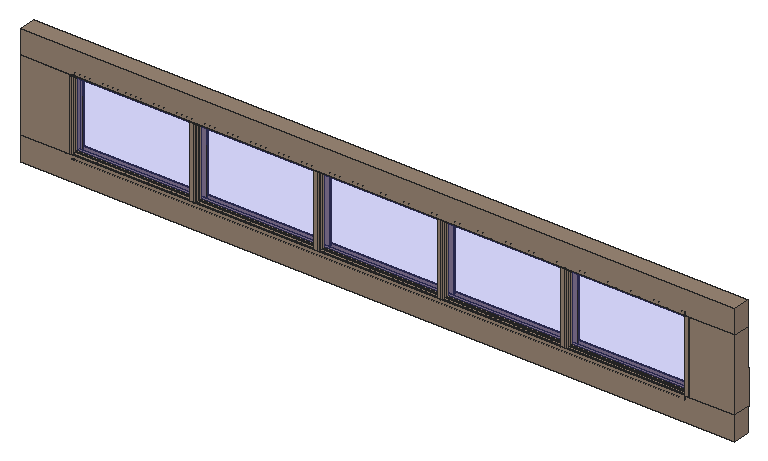
Revit family "Window-Exterior-Simpson-French-Transom", category Windows, host Wall, Revit 2012
Parameters (values of type "SEE CATALOG")
  Wood Species Note = "Available in Any Wood Species"
  Wood Species = "http://simpsondoor.com/e-catalog/#10"
  WaterBarrier with UltraBlock Technology = no
  WaterBarrier Note = "This Door Comes with The Option of WaterBarrier with UltraBlock Technology. It is Turn Off as a Default"
  UltraBlock Option = yes
  UltraBlock Note = "This Door Comes with The Option of UltraBlock Technology. It is Turn On as a Default"
  URL = "http://www.simpsondoor.com/"
  Top Rail Height = 2 13/32"
  Product Page URL = "http://www.simpsondoor.com/door-products/search/results/?seriesID=30"
  Product Documentation Link = "http://www.simpsondoor.com/door-products/search/detail/?BaseSpecificationID=609"
  Panel Thickness = 1 3/4"
  Panel Stile Width = 5"
  Panel = Wood - Simpson Doors - Douglas Fir
  Ovolo Construction = yes
  Number of Vertical Muntins = 4
  Number of Horizontal Muntins = 0
  Notes = "Dozens of glass textures and colors are available. For a list of standard options visit the Simpson web site or submit a custom glass request: http://simpsondoor.com/door-products/glass-options/"
  Model = "7755"
  Manufacturer = "Simpson Door Company"  # constant formula
  Height = 12"
  Glass Thickness = 3/4"
  Glass Options = "http://simpsondoor.com/e-catalog/#12"
  Glass = Glass - Simpson Doors - Clear
  Exterior Setback [instance] = 1"
  Description = "Exterior Thermal Sash Five Lite Transom"
  Default Sill Height = 70"
  Wall Closure = (empty or 0)
  Width = 72"
  Bottom Rail Height = 2 13/32"
  Assembly Code = "B2020100"
Values of the unnamed type that differ from the named types
  Wall Closure = By host
Reference planes (in)
  plane 1 "Center (Front/Back)": y = 0
  plane 2: z = 0
  plane 3 "Center (Left/Right)": x = 0
  plane 4 "Left": x = -36
  plane 5 "Right": x = 36
  plane 6 "Sill": z = 70
  plane 7 "Top": z = 82
  plane 8: y = 2
Lines and regions (in)
  Opening 1
    outline origin (-60, -3, 0) x (1, 0, 0) y (0, 0, 1)
      loop
        line (24, 82) -> (24, 70) -> (96, 70) -> (96, 82) -> (24, 82)
  symbolic lines, style "WindowsHiddenLines"
    curve 1: line (-36, -3, 0) -> (-36, 3, 0)
    curve 2: line (36, -3, 0) -> (36, 3, 0)
Text (in)
  text "EXTERIOR" at (-58.6888, 50.90694, 0), in view "Ref. Level"
  text "INTERIOR" at (-58.6888, -37.76638, 0), in view "Ref. Level"
  text "Exterior" at (0, 43.65631, 123.19604), in view "Left"
  text "Exterior" at (0, 18.29385, 125.04747), in view "Right"
Dimensions and locks (in)
  equal spacing: plane 4 "Left", plane 3 "Center (Left/Right)", plane 5 "Right"
  "Width": plane 4 "Left" to plane 5 "Right"
  "Height": plane 6 "Sill" to plane 7 "Top"
  "Default Sill Height": plane 2 to plane 6 "Sill"
  "Exterior Setback": host wall to plane 8
  aligned and locked: plane 7 "Top" to Opening 1 sketch curve
  aligned and locked: plane 6 "Sill" to Opening 1 sketch curve  (x2)
  aligned and locked: plane 5 "Right" to Opening 1 sketch curve
  aligned and locked: plane 4 "Left" to Opening 1 sketch curve
  aligned and locked: level to plane 2
  aligned and locked: nested 1 to plane 6 "Sill"
  aligned and locked: plane 3 "Center (Left/Right)" to nested 1
  aligned and locked: nested 1 to plane 8
  aligned and locked: curve 1 to plane 4 "Left"
  aligned and locked: curve 2 to plane 5 "Right"
  aligned and locked: host wall to curve 1  (x2)
  aligned and locked: host wall to curve 2  (x2)
Nested families (in)
  nested 1: "Transom-Glass_Panel" at (0, 2, 70), type "Transom-Panel"
    with Window Width 62", Window Top Offset 2 13/32", Window Side Offset 5", Window Height 7 3/16", Width 72", Muntin Width 3/8", Bottom Offset 2 13/32", Panel Height 12"
Definition of nested family "Transom-Glass_Panel"
  Parameters (values of type "Transom-Panel")
    Wood Species Note = "Available in Any Wood Species"
    Wood Species = "http://simpsondoor.com/e-catalog/#10"
    Window Width = Width - (Window Side Offset * 2)  # 62 15/16"
    Window Top Offset = 1 13/32"
    Window Thickness = 3/4"
    Window Side Offset = 4 29/32"
    Window Height = Panel Height - Window Top Offset - Bottom Offset  # 11 3/16"
    Width = 72 3/4"
    WaterBarrier with UltraBlock Technology = no
    WaterBarrier Note = "This Door Comes with The Option of WaterBarrier with UltraBlock Technology. It is Turn Off as a Default"
    UltraBlock Option = yes
    UltraBlock Note = "This Door Comes with The Option of UltraBlock Technology. It is Turn On as a Default"
    Ovolo Construction = yes
    Number of Horizontal Muntins = 0
    Notes = ""
    Muntin Width = 1/2"
    Glass Options = "http://simpsondoor.com/e-catalog/#12"
    Bottom Offset = 1 13/32"
    Panel Thickness = 1 3/4"
    Panel Material = Wood - Simpson Doors - Douglas Fir
    Panel Height = 14"
    Glass Material = Glass
    Actual Number of Vertical Muntins = # of Vertical Muntins + 2  # 6
    Actual # of Horizontal Muntin = Number of Horizontal Muntins + 2  # 2
    # of Vertical Muntins = 4
  Reference planes (in)
    plane 1 "Center (Front/Back)": y = 0
    plane 2 "Bottom": z = 0
    plane 3 "Center (Left/Right)": x = 0
    plane 4: x = -36.375
    plane 5: y = 0.875
    plane 6: x = 36.375
    plane 7: y = -0.875
    plane 8: z = 14
    plane 9: x = 31.46875
    plane 10: x = -31.46875
    plane 11: z = 12.59375
    plane 12: z = 1.40625
    plane 13: y = -0.375
    plane 14: y = 0.375
    plane 15: z = 7
  Forms (in)
    Extrusion 1, solid, material "Wood - Simpson Doors - Douglas Fir" <- "Panel Material"
      sketch origin (0, 0, 0) x (1, 0, 0) y (0, 0, 1)
        loop
          line (-36.375, 14) -> (-36.375, 12.59375) -> (36.375, 12.59375) -> (36.375, 14) -> (-36.375, 14)
        loop
          line (-36.375, 1.40625) -> (-36.375, 0) -> (36.375, 0) -> (36.375, 1.40625) -> (-36.375, 1.40625)
      from -0.875 to 0.875
    Extrusion 2, solid, material "Glass" <- "Glass Material"
      sketch origin (0, 0, 0) x (1, 0, 0) y (0, 0, 1)
        loop
          line (-31.46875, 12.59375) -> (-31.46875, 1.40625) -> (31.46875, 1.40625) -> (31.46875, 12.59375) -> (-31.46875, 12.59375)
      from -0.375 to 0.375
    Extrusion 3, solid, material "Wood - Simpson Doors - Douglas Fir" <- "Panel Material"
      sketch origin (0, 0, 0) x (1, 0, 0) y (0, 0, 1)
        loop
          line (-36.375, 12.59375) -> (-36.375, 1.40625) -> (-31.46875, 1.40625) -> (-31.46875, 12.59375) -> (-36.375, 12.59375)
        loop
          line (31.46875, 12.59375) -> (31.46875, 1.40625) -> (36.375, 1.40625) -> (36.375, 12.59375) -> (31.46875, 12.59375)
      from -0.875 to 0.875
  Lines and regions (in)
    Masking region 1
      outline origin (0, 0, 0) x (1, 0, 0) y (0, 1, 0)
        loop
          line (-36.375, 0.875) -> (-36.375, -0.875) -> (36.375, -0.875) -> (36.375, 0.875) -> (-36.375, 0.875)
    Masking region 2, detail levels fine
      outline origin (0, 0, 0) x (1, 0, 0) y (0, 1, 0)
        loop
          line (36.375, 0.875) -> (31.46875, 0.875) -> (30.96875, 0.375) -> (31.46875, 0.375) -> (31.46875, -0.375) -> (30.96875, -0.375) -> (31.46875, -0.875) -> (36.375, -0.875) -> (36.375, 0.875)
        loop
          line (-36.375, 0.875) -> (-36.375, -0.875) -> (-31.46875, -0.875) -> (-30.96875, -0.375) -> (-31.46875, -0.375) -> (-31.46875, 0.375) -> (-30.96875, 0.375) -> (-31.46875, 0.875) -> (-36.375, 0.875)
    Masking region 3, detail levels medium+fine
      outline origin (0, 0, 0) x (1, 0, 0) y (0, 1, 0)
        loop
          line (-31.46875, 0.375) -> (-31.46875, -0.375) -> (31.46875, -0.375) -> (31.46875, 0.375) -> (-31.46875, 0.375)
    symbolic lines, style "DoorsGlassProjection", detail levels coarse
      curve 1: line (-31.46875, 0, 0) -> (31.46875, 0, 0)
    symbolic lines, style "DoorsPanelProjection"
      curve 2: line (-31.46875, 0.875, 0) -> (-31.46875, -0.875, 0)
      curve 3: line (31.46875, 0.875, 0) -> (31.46875, -0.875, 0)
  Dimensions and locks (in)
    equal spacing: plane 5, plane 1 "Center (Front/Back)", plane 7
    equal spacing: plane 4, plane 3 "Center (Left/Right)", plane 6
    "Width": plane 4 to plane 6
    "Panel Thickness": plane 5 to plane 7
    "Panel Height": plane 8 to level
    "Window Side Offset": plane 10 to plane 4
    "Window Top Offset": plane 8 to plane 11
    "Window Width": plane 9 to plane 10
    equal spacing: plane 14, plane 1 "Center (Front/Back)", plane 13
    "Window Thickness": plane 14 to plane 13
    equal spacing: plane 11, plane 15, plane 12
    "Bottom Offset": plane 12 to level
    equal spacing: group 1, group 3, group 4, group 5, group 6, group 2  (x3)
    group 7 to group 8 = 0"  (x2)
    group 7 to group 8 = 11 11/16"
    aligned and locked: plane 2 "Bottom" to level
    aligned and locked: Extrusion 1 sketch curve to plane 4
    aligned and locked: Extrusion 1 sketch curve to plane 12
    aligned and locked: Extrusion 1 sketch curve to plane 6
    aligned and locked: Extrusion 1 sketch curve to level
    aligned and locked: Extrusion 1 sketch curve to plane 8
    aligned and locked: Extrusion 1 sketch curve to plane 11
    aligned and locked: plane 5 to Extrusion 1
    aligned and locked: Extrusion 1 to plane 7
    aligned and locked: Extrusion 2 sketch curve to plane 11
    aligned and locked: Extrusion 2 sketch curve to plane 9
    aligned and locked: Extrusion 2 sketch curve to plane 10
    aligned and locked: Extrusion 2 sketch curve to plane 12
    aligned and locked: Extrusion 2 to plane 14
    aligned and locked: Extrusion 2 to plane 13
    aligned and locked: Masking region 1 sketch curve to Extrusion 1  (x4)
    aligned and locked: plane 1 "Center (Front/Back)" to curve 1
    aligned and locked: plane 10 to curve 1
    aligned and locked: plane 9 to curve 1
    aligned and locked: curve 2 to plane 10
    aligned and locked: curve 3 to plane 9
    aligned and locked: plane 7 to curve 2
    aligned and locked: plane 5 to curve 2
    aligned and locked: plane 5 to curve 3
    aligned and locked: plane 7 to curve 3
    aligned and locked: Masking region 2 sketch curve to Extrusion 1  (x4)
    aligned and locked: Masking region 2 sketch curve to Extrusion 2  (x3)
    aligned and locked: plane 5 to Masking region 2 sketch curve
    aligned and locked: plane 14 to Masking region 2 sketch curve
    aligned and locked: Masking region 2 sketch curve to plane 13
    aligned and locked: Masking region 2 sketch curve to plane 7
    aligned and locked: Masking region 3 sketch curve to Extrusion 2  (x4)
    aligned and locked: Extrusion 3 sketch curve to plane 4
    aligned and locked: Extrusion 3 sketch curve to plane 10
    aligned and locked: Extrusion 3 sketch curve to plane 12
    aligned and locked: Extrusion 3 sketch curve to plane 11  (x2)
    aligned and locked: Extrusion 3 sketch curve to plane 9
    aligned and locked: Extrusion 3 sketch curve to plane 6
    aligned and locked: plane 12 to Extrusion 3 sketch curve
    aligned and locked: plane 5 to Extrusion 3
    aligned and locked: Extrusion 3 to plane 7
    aligned and locked: nested 1 to plane 15
    aligned and locked: plane 10 to nested 1
    aligned and locked: nested 2 to plane 3 "Center (Left/Right)"
    aligned and locked: nested 2 to plane 12
    aligned and locked: nested 3 to plane 9
    aligned and locked: plane 15 to nested 3
    aligned and locked: plane 11 to nested 8
    aligned and locked: nested 8 to plane 3 "Center (Left/Right)"
  Automatic sketch dimensions
    Masking region 2 sketch curve to plane 10 = 0"  (x2)
    Masking region 2 sketch curve to plane 9 = 0"  (x2)
    Masking region 2 sketch curve to Masking region 2 sketch curve = 1/2"  (x2)
    Masking region 2 sketch curve to plane 9 = 1/2"  (x2)
    Extrusion 1 sketch curve to plane 4 = 0"
    Extrusion 1 sketch curve to plane 6 = 0"
    plane 14 to Masking region 2 sketch curve = 0"
  Nested families (in)
    nested 1: "Muntin" at (-31.71875, -0.375, 7) x (1, 0, 0) z (0, -1, 0), type "Vertical"
      with Muntin Length 11 3/16"
    nested 2: "Muntin" at (0, -0.375, 1.15625) x (0, 0, -1) z (0, -1, 0), type "Horizontal"
      with Muntin Length 62 15/16"
    nested 3: "Muntin" at (31.71875, -0.375, 7) x (1, 0, 0) z (0, -1, 0), type "Vertical"
      with Muntin Length 11 3/16"
    nested 4: "Muntin" at (-19.03125, -0.375, 7) x (1, 0, 0) z (0, -1, 0), type "Vertical"
      with Muntin Length 11 3/16"
    nested 5: "Muntin" at (-6.34375, -0.375, 7) x (1, 0, 0) z (0, -1, 0), type "Vertical"
      with Muntin Length 11 3/16"
    nested 6: "Muntin" at (6.34375, -0.375, 7) x (1, 0, 0) z (0, -1, 0), type "Vertical"
      with Muntin Length 11 3/16"
    nested 7: "Muntin" at (19.03125, -0.375, 7) x (1, 0, 0) z (0, -1, 0), type "Vertical"
      with Muntin Length 11 3/16"
    nested 8: "Muntin" at (0, -0.375, 12.84375) x (0, 0, -1) z (0, -1, 0), type "Horizontal"
      with Muntin Length 62 15/16"
  Definition of nested family "Muntin"
    Parameters (values of type "Vertical")
      Shaker = not(Ovolo)  # no
      Ovolo = yes
      Muntin Width = 1/2"
      Muntin Thickness = 31/64"
      Muntin Material = Wood - Simpson Doors - Douglas Fir
      Muntin Length = 71 3/8"
      Glass Thickness = 3/4"
      Default Elevation = 48"
    Types (5): name | Muntin Thickness | Muntin Length
      Horizontal | 15/32" | 26"
      Vertical | 31/64" | 71 3/8"
      Vertical Small | 27/64" | 12 1/8"
      Horizontal Medium | 3/8" | 14 1/4"
      Horizontal Small | 3/8" | 5 7/8"
    Reference planes (in)
      plane 1 "Center (Front/Back)": y = 0
      plane 2: z = 0
      plane 3 "Center (Left/Right)": x = 0
      plane 4: z = -0.75
      plane 5: y = 35.6875
      plane 6: y = -35.6875
      plane 7: x = 0.53125
      plane 8: x = -0.53125
      plane 9: x = -0.25
      plane 10: x = 0.25
      plane 11: z = 0.11903
      plane 12: z = 0.34
      plane 13: z = -0.375
      plane 14: z = -0.86903
      plane 15: z = -1.09
    Forms (in)
      Extrusion 1, solid
        sketch origin (0, 0, 0) x (1, 0, 0) y (0, 1, 0)
          loop
            line (-16, 48) -> (-16, -48) -> (10.231, -48) -> (10.231, 48) -> (-16, 48)
        from 0 to -1.88542
      Extrusion 2, solid, material "Wood - Simpson Doors - Douglas Fir" <- "Muntin Material", visible <- "Shaker", detail levels medium+fine
        sketch origin (0, 0, 0) x (1, 0, 0) y (0, 0, 1)
          loop
            line (-0.25, 0.48437) -> (-0.25, 0) -> (0.25, 0) -> (0.25, 0.48437) -> (-0.25, 0.48437)
          loop
            line (-0.25, -0.75) -> (-0.25, -1.23437) -> (0.25, -1.23437) -> (0.25, -0.75) -> (-0.25, -0.75)
        from -35.6875 to 35.6875
      Extrusion 3, solid, material "Wood - Simpson Doors - Douglas Fir" <- "Muntin Material", visible <- "Ovolo", detail levels medium+fine
        sketch origin (0, 0, 0) x (1, 0, 0) y (0, 0, 1)
          loop
            line (-0.25, 0.48437) -> (-0.25, 0.33875) -> (-0.3332, 0.32408)
            arc (-0.3332, 0.32408) -> (-0.38654, 0.29631) -> (-0.41431, 0.24296) r 0.1
            line (-0.41431, 0.24296) -> (-0.43639, 0.11778) -> (-0.48806, 0.11451)
            arc (-0.48806, 0.11451) -> (-0.50571, 0.10674) -> (-0.51499, 0.08983) r 0.03
            line (-0.51499, 0.08983) -> (-0.53083, 0) -> (0.53083, 0) -> (0.51499, 0.08983)
            arc (0.51499, 0.08983) -> (0.50571, 0.10674) -> (0.48806, 0.11451) r 0.03
            line (0.48806, 0.11451) -> (0.43639, 0.11903) -> (0.41431, 0.24421)
            arc (0.41431, 0.24421) -> (0.38654, 0.29756) -> (0.3332, 0.32533) r 0.1
            line (0.3332, 0.32533) -> (0.25, 0.34) -> (0.25, 0.48437) -> (-0.25, 0.48437)
          loop
            line (-0.25, -1.23437) -> (0.25, -1.23437) -> (0.25, -1.09) -> (0.3332, -1.07533)
            arc (0.3332, -1.07533) -> (0.38654, -1.04756) -> (0.41431, -0.99421) r 0.1
            line (0.41431, -0.99421) -> (0.43639, -0.86903) -> (0.48806, -0.86451)
            arc (0.48806, -0.86451) -> (0.50571, -0.85674) -> (0.51499, -0.83983) r 0.03
            line (0.51499, -0.83983) -> (0.53083, -0.75) -> (-0.53083, -0.75) -> (-0.51499, -0.83983)
            arc (-0.51499, -0.83983) -> (-0.50571, -0.85674) -> (-0.48806, -0.86451) r 0.03
            line (-0.48806, -0.86451) -> (-0.43639, -0.86778) -> (-0.41431, -0.99296)
            arc (-0.41431, -0.99296) -> (-0.38654, -1.04631) -> (-0.3332, -1.07408) r 0.1
            line (-0.3332, -1.07408) -> (-0.25, -1.08875) -> (-0.25, -1.23437)
        from -35.6875 to 35.6875
    Lines and regions (in)
      model lines, style "GenericModel", detail levels coarse
        curve 1: line (0, 35.6875, 0.48437) -> (0, -35.6875, 0.48437)
      model lines, detail levels coarse
        curve 2: line (0, 35.6875, -1.23437) -> (0, -35.6875, -1.23437)
    Dimensions and locks (in)
      "Glass Thickness": level to plane 4
      equal spacing: Extrusion 2 sketch curve, plane 3 "Center (Left/Right)", Extrusion 2 sketch curve
      "Muntin Width": Extrusion 2 sketch curve to Extrusion 2 sketch curve
      "Muntin Thickness": Extrusion 2 sketch curve to level
      "Muntin Thickness": plane 4 to Extrusion 2 sketch curve
      equal spacing: plane 5, plane 1 "Center (Front/Back)", plane 6
      "Muntin Length": plane 5 to plane 6
      "Muntin Thickness": Extrusion 3 sketch curve to plane 2
      plane 12 to plane 11 to plane 2 = 0.22097" locked, 0.11903" locked
      equal spacing: plane 2, plane 13, plane 4
      locked: plane 15 to plane 14 at 0.22097
      plane 4 to Extrusion 3 sketch curve to Extrusion 3 sketch curve = 0.11778" locked, 0.22097" locked
      "Muntin Thickness": plane 4 to Extrusion 3 sketch curve
      locked: plane 10 to plane 7 at 0.28125
      locked: plane 8 to plane 9 at 0.28125
      equal spacing: plane 9, plane 3 "Center (Left/Right)", plane 10
      "Muntin Width": plane 10 to plane 9
      aligned and locked: plane 2 to Extrusion 1
      aligned and locked: level to Extrusion 1
      aligned and locked: Extrusion 2 sketch curve to Extrusion 2 sketch curve  (x2)
      aligned and locked: plane 5 to Extrusion 2
      aligned and locked: Extrusion 2 to plane 6
      aligned and locked: plane 2 to Extrusion 3 sketch curve
      aligned and locked: plane 5 to Extrusion 3
      aligned and locked: Extrusion 3 to plane 6
      aligned and locked: plane 9 to Extrusion 3
      aligned and locked: plane 10 to Extrusion 3
      aligned and locked: plane 12 to Extrusion 3 sketch curve
      aligned and locked: plane 11 to Extrusion 3 sketch curve
      aligned and locked: plane 4 to Extrusion 3 sketch curve
      aligned and locked: plane 15 to Extrusion 3 sketch curve
      aligned and locked: plane 14 to Extrusion 3 sketch curve
      aligned and locked: plane 6 to curve 1
      aligned and locked: curve 1 to plane 3 "Center (Left/Right)"
      aligned and locked: plane 5 to curve 1
      aligned and locked: curve 2 to plane 3 "Center (Left/Right)"
      aligned and locked: plane 6 to curve 2
      aligned and locked: plane 5 to curve 2
    Automatic sketch dimensions
      Extrusion 1 sketch curve to Extrusion 1 sketch curve = 26.231"
      Extrusion 1 sketch curve to Extrusion 1 sketch curve = 96"
      Extrusion 2 sketch curve to plane 4 = 0"
      Extrusion 2 sketch curve to level = 0"
      Extrusion 3 sketch curve to plane 9 = 0"  (x2)
      plane 10 to Extrusion 3 sketch curve = 0"  (x2)
      Extrusion 3 sketch curve to plane 9 = 0.06583"  (x2)
      Extrusion 3 sketch curve to plane 12 = 0.01592"
      Extrusion 3 sketch curve to plane 9 = 0.0832"  (x2)
      Extrusion 3 sketch curve to plane 15 = 0.01592"
      Extrusion 3 sketch curve to Extrusion 3 sketch curve = 0.09848"  (x5)
      Extrusion 3 sketch curve to plane 11 = 0.00125"
      plane 8 to Extrusion 3 sketch curve = 0.09486"  (x2)
      plane 8 to Extrusion 3 sketch curve = 0.0458"  (x2)
      Extrusion 3 sketch curve to plane 14 = 0.00452"  (x2)
      Extrusion 3 sketch curve to Extrusion 3 sketch curve = 0.00261"  (x4)
      Extrusion 3 sketch curve to plane 11 = 0.00452"  (x2)
      plane 8 to Extrusion 3 sketch curve = 0.01626"  (x2)
      plane 8 to Extrusion 3 sketch curve = 0.00042"  (x2)
      Extrusion 3 sketch curve to plane 10 = 0.06583"  (x2)
      Extrusion 3 sketch curve to plane 12 = 0.01467"
      Extrusion 3 sketch curve to plane 10 = 0.0832"  (x2)
      Extrusion 3 sketch curve to plane 15 = 0.01467"
      Extrusion 3 sketch curve to plane 12 = 0.09579"
      plane 7 to Extrusion 3 sketch curve = 0.09486"  (x2)
      plane 7 to Extrusion 3 sketch curve = 0.0458"  (x2)
      plane 7 to Extrusion 3 sketch curve = 0.01626"  (x2)
      plane 7 to Extrusion 3 sketch curve = 0.00042"  (x2)
      Extrusion 3 sketch curve to Extrusion 3 sketch curve = 0.08112"  (x2)
      Extrusion 3 sketch curve to plane 14 = 0.0292"  (x2)
      Extrusion 3 sketch curve to Extrusion 3 sketch curve = 0.02989"  (x2)
      Extrusion 3 sketch curve to plane 12 = 0.00125"
Types in the file's own list only (41): name | Top Rail Height | Product Documentation Link | Panel Stile Width | Number of Vertical Muntins | Number of Horizontal Muntins | Model | Height | Description | Wall Closure | Width | Bottom Rail Height
  7751 Transom 12.25x12 | 2 13/32" | "http://www.simpsondoor.com/door-products/search/detail/?BaseSpecificationID=608" | 1 13/32" | 0 | 0 | "7751" | 12" | "Exterior French - One Lite - Transom" | By host | 12 1/4" | 2 13/32"
  7751 Transom 22.5x12 | 2 13/32" | "http://www.simpsondoor.com/door-products/search/detail/?BaseSpecificationID=608" | 5" | 0 | 0 | "7751" | 12" | "Exterior French - One Lite - Transom" | By host | 22 1/2" | 2 13/32"
  7751 Transom 36x12 | 2 13/32" | "http://www.simpsondoor.com/door-products/search/detail/?BaseSpecificationID=608" | 5" | 0 | 0 | "7751" | 12" | "Exterior French - One Lite - Transom" | By host | 36" | 2 13/32"
  7751 Transom 72x12 | 2 13/32" | "http://www.simpsondoor.com/door-products/search/detail/?BaseSpecificationID=608" | 5" | 0 | 0 | "7751" | 12" | "Exterior French - One Lite - Transom" | By host | 72" | 2 13/32"
  7751 Transom 17x14 | 2 13/32" | "http://www.simpsondoor.com/door-products/search/detail/?BaseSpecificationID=608" | 3 13/32" | 0 | 0 | "7751" | 14" | "Exterior French - One Lite - Transom" | By host | 17" | 2 13/32"
  7751 Transom 72.75x14 | 2 13/32" | "http://www.simpsondoor.com/door-products/search/detail/?BaseSpecificationID=608" | 5" | 0 | 0 | "7751" | 14" | "Exterior French - One Lite - Transom" | By host | 72 3/4" | 2 13/32"
  7751 Transom 41x16 | 2 13/32" | "http://www.simpsondoor.com/door-products/search/detail/?BaseSpecificationID=608" | 5" | 0 | 0 | "7751" | 16" | "Exterior French - One Lite - Transom" | By host | 41" | 2 13/32"
  7751 Transom 36x17 | 2 13/32" | "http://www.simpsondoor.com/door-products/search/detail/?BaseSpecificationID=608" | 4" | 0 | 0 | "7751" | 17 13/16" | "Exterior French - One Lite - Transom" | By host | 36" | 2 13/32"
  7751 Transom 60x18 | 2 13/32" | "http://www.simpsondoor.com/door-products/search/detail/?BaseSpecificationID=608" | 5" | 0 | 0 | "7751" | 18" | "Exterior French - One Lite - Transom" | By host | 60" | 2 13/32"
  7751 Transom 36x20 | 2 13/32" | "http://www.simpsondoor.com/door-products/search/detail/?BaseSpecificationID=608" | 2 13/32" | 0 | 0 | "7751" | 20" | "Exterior French - One Lite - Transom" | By host | 36" | 2 13/32"
  7751 Transom 20x24 | 2 13/32" | "http://www.simpsondoor.com/door-products/search/detail/?BaseSpecificationID=608" | 2 13/32" | 0 | 0 | "7751" | 24" | "Exterior French - One Lite - Transom" | By host | 20" | 2 13/32"
  7751 Transom 36x24 | 2 13/32" | "http://www.simpsondoor.com/door-products/search/detail/?BaseSpecificationID=608" | 4" | 0 | 0 | "7751" | 24" | "Exterior French - One Lite - Transom" | By host | 36" | 2 13/32"
  7751 Transom 73.25x24 | 2 13/32" | "http://www.simpsondoor.com/door-products/search/detail/?BaseSpecificationID=608" | 4" | 0 | 0 | "7751" | 24" | "Exterior French - One Lite - Transom" | By host | 73 1/4" | 2 13/32"
  7755 Transom 63x10.5 | 2 13/32" | "http://www.simpsondoor.com/door-products/search/detail/?BaseSpecificationID=609" | 2 13/32" | 4 | 0 | "7755" | 10 1/2" | "Exterior French - Five Lite - Transom" | By host | 63" | 2 13/32"
  7755 Transom 24.1875x12 | 2 13/32" | "http://www.simpsondoor.com/door-products/search/detail/?BaseSpecificationID=609" | 2 13/32" | 1 | 0 | "7755" | 12" | "Exterior French - Two Lite - Transom" | By host | 24 3/16" | 2 13/32"
  7755 Transom 61x12 | 1 13/32" | "http://www.simpsondoor.com/door-products/search/detail/?BaseSpecificationID=609" | 5" | 4 | 0 | "7755" | 12" | "Exterior French - Five Lite - Transom" | By host | 61" | 1 13/32"
  7755 Transom 62x12 | 2 13/32" | "http://www.simpsondoor.com/door-products/search/detail/?BaseSpecificationID=609" | 5" | 4 | 0 | "7755" | 12" | "Exterior French - Five Lite - Transom" | By host | 72" | 2 13/32"
  7755 Transom 62.25x12 | 2 13/32" | "http://www.simpsondoor.com/door-products/search/detail/?BaseSpecificationID=609" | 1 13/32" | 6 | 0 | "7755" | 12" | "Exterior French - Seven Lite - Transom" | By host | 62 1/4" | 2 13/32"
  7755 Transom 66x12 | 2 13/32" | "http://www.simpsondoor.com/door-products/search/detail/?BaseSpecificationID=609" | 2 9/32" | 4 | 0 | "7755" | 12" | "Exterior French - Five Lite - Transom" | By host | 66 3/16" | 2 13/32"
  7755 Transom 71x12 | 2 13/32" | "http://www.simpsondoor.com/door-products/search/detail/?BaseSpecificationID=609" | 5" | 4 | 0 | "7755" | 12" | "Exterior French - Five Lite - Transom" | By host | 71" | 2 13/32"
  7755 Transom 87.25x12 | 2 13/32" | "http://www.simpsondoor.com/door-products/search/detail/?BaseSpecificationID=609" | 2 13/32" | 8 | 0 | "7755" | 12" | "Exterior French - Nine Lite - Transom" | By host | 87 1/4" | 2 13/32"
  7755 Transom 36x14 | 2 13/32" | "http://www.simpsondoor.com/door-products/search/detail/?BaseSpecificationID=609" | 5" | 4 | 0 | "7755" | 14" | "Exterior French - Five Lite - Transom" | By host | 36" | 2 13/32"
  7755 Transom49.25x14 | 2 13/32" | "http://www.simpsondoor.com/door-products/search/detail/?BaseSpecificationID=609" | 4 1/8" | 4 | 0 | "7755" | 14" | "Exterior French - Five Lite - Transom" | By host | 49 1/4" | 2 13/32"
  7755 Transom 60.75x14 | 2 13/32" | "http://www.simpsondoor.com/door-products/search/detail/?BaseSpecificationID=609" | 5" | 4 | 0 | "7755" | 14" | "Exterior French - Five Lite - Transom" | By host | 60 3/4" | 2 13/32"
  7755 Transom 62x14 | 2 13/32" | "http://www.simpsondoor.com/door-products/search/detail/?BaseSpecificationID=609" | 5" | 4 | 0 | "7755" | 14" | "Exterior French - Five Lite - Transom" | By host | 62" | 2 13/32"
  7755 Transom 64.75x14 | 2 13/32" | "http://www.simpsondoor.com/door-products/search/detail/?BaseSpecificationID=609" | 5" | 4 | 0 | "7755" | 14" | "Exterior French - Five Lite - Transom" | By host | 64 3/4" | 2 13/32"
  7755 Transom 66x14 | 1 13/32" | "http://www.simpsondoor.com/door-products/search/detail/?BaseSpecificationID=609" | 1 13/32" | 4 | 0 | "7755" | 14" | "Exterior French - Five Lite - Transom" | By host | 66" | 1 13/32"
  7755 Transom 66.5x14 | 2 13/32" | "http://www.simpsondoor.com/door-products/search/detail/?BaseSpecificationID=609" | 5" | 4 | 0 | "7755" | 14" | "Exterior French - Five Lite - Transom" | By host | 66 1/2" | 2 13/32"
  7755 Transom 72x14 | 2 13/32" | "http://www.simpsondoor.com/door-products/search/detail/?BaseSpecificationID=609" | 5" | 4 | 0 | "7755" | 14" | "Exterior French - Five Lite - Transom" | By host | 72" | 2 13/32"
  7755 Transom 75x14 | 2 13/32" | "http://www.simpsondoor.com/door-products/search/detail/?BaseSpecificationID=609" | 5" | 4 | 0 | "7755" | 14" | "Exterior French - Five Lite - Transom" | By host | 75" | 2 13/32"
  7755 Transom 81x14 | 2 13/32" | "http://www.simpsondoor.com/door-products/search/detail/?BaseSpecificationID=609" | 2 13/32" | 4 | 0 | "7755" | 14" | "Exterior French - Five Lite - Transom" | By host | 81" | 2 13/32"
  7755 Transom 16x16 | 2 13/32" | "http://www.simpsondoor.com/door-products/search/detail/?BaseSpecificationID=609" | 2 13/32" | 1 | 0 | "7755" | 16" | "Exterior French - Two Lite - Transom" | By host | 16" | 2 13/32"
  7755 Transom 42.25x16 | 2 13/32" | "http://www.simpsondoor.com/door-products/search/detail/?BaseSpecificationID=609" | 2 13/32" | 4 | 0 | "7755" | 16" | "Exterior French - Five Lite - Transom" | By host | 42 1/4" | 2 13/32"
  7755 Transom 93.25x16 | 2 13/32" | "http://www.simpsondoor.com/door-products/search/detail/?BaseSpecificationID=609" | 5" | 4 | 0 | "7755" | 16" | "Exterior French - Five Lite - Transom" | By host | 93 1/4" | 2 13/32"
  7755 Transom 32x16.5 | 2 13/32" | "http://www.simpsondoor.com/door-products/search/detail/?BaseSpecificationID=609" | 2 13/32" | 2 | 0 | "7755" | 16 1/2" | "Exterior French - Three Lite - Transom" | By host | 32" | 2 13/32"
  7755 Transom 36x16.5 | 2 13/32" | "http://www.simpsondoor.com/door-products/search/detail/?BaseSpecificationID=609" | 2 13/32" | 2 | 0 | "7755" | 16 1/2" | "Exterior French - Three Lite - Transom" | By host | 36" | 2 13/32"
  7755 Transom 20.1875x18 | 2 13/32" | "http://www.simpsondoor.com/door-products/search/detail/?BaseSpecificationID=609" | 2 13/32" | 1 | 1 | "7755" | 18" | "Exterior French - Four Lite - Transom" | By host | 20 3/16" | 2 13/32"
  7755 Transom 36x18 | 2 13/32" | "http://www.simpsondoor.com/door-products/search/detail/?BaseSpecificationID=609" | 5" | 4 | 0 | "7755" | 18" | "Exterior French - Five Lite - Transom" | By host | 36" | 2 13/32"
  7755 Transom 36.1875x18 | 2 13/32" | "http://www.simpsondoor.com/door-products/search/detail/?BaseSpecificationID=609" | 2 13/32" | 3 | 1 | "7755" | 18" | "Exterior French - Eight Lite - Transom" | By host | 36 3/16" | 2 13/32"
  7755 Transom 63.75x23.5 | 2 13/32" | "http://www.simpsondoor.com/door-products/search/detail/?BaseSpecificationID=609" | 4" | 4 | 1 | "7755" | 23 1/2" | "Exterior French - Ten Lite - Transom" | By host | 63 3/4" | 2 13/32"
  7755 Transom 36.1875x24 | 2 13/32" | "http://www.simpsondoor.com/door-products/search/detail/?BaseSpecificationID=609" | 5 3/32" | 3 | 1 | "7755" | 24" | "Exterior French - Eight Lite - Transom" | By host | 36 3/16" | 2 13/32"
